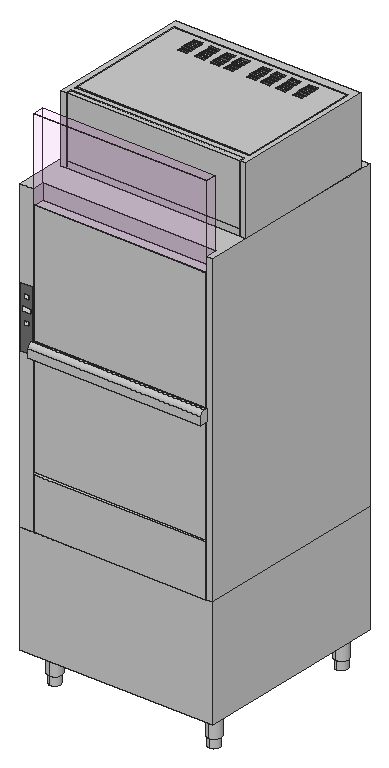
Revit family "Gi605HCRC", category Equipement spécialisé, Revit 2021
Family settings
  Cote de connecteur circulaire = Utiliser le diamètre
  Type d'élément = Normal
  Numéro OmniClass = 23.40.40.14
  Titre OmniClass = Food Service Equipment
  Basée sur le plan de construction = Non
  Toujours verticalement = Oui
  Couper avec des vides une fois chargée = Non
  Partagée = Non
  Repere pour localisation dans la piece = Non
Parameters (values of type "6G3256_AA")
  URL catalogo = "https://www.comenda.fr/pdf/docs/Gi/GAMME_GI_2023.pdf"
  URL = "www.comenda.fr"
  Tensione = 400 V
  Temperatura raccomandata per acqua calda = 50 °C
  Show Logo [instance] = yes
  Show Clearance [instance] = yes
  Protezione contro le sovracorrenti = 16 A
  Elévation par défaut = 0 mm
  Profondità = 900 mm
  Pressione minima acqua calda = 200000.0 Pa
  Potenza elettrica = 9000 W
  Pessione minima acqua fredda = 200000.0 Pa
  Peso netto = 200.00 kg
  Numero dei poli = 3
  Modèle = "Gi 605H R CRC"
  Fabricant = "COMENDA"
  Lunghezza = 860 mm
  Frequenza = 50 Hz
  Fase = 3
  Diametro raccordo acqua calda = 3/4"
  Diametro dello scarico diretto di acqua = 1 3/8"
  Description = "THREE-PHASE FRONT LOADING POTWASHER WITH RCD"
  Corrente di funzionamento normale = 13.7 A
  Assembly Code = ""
  Altezza dello scarico diretto acqua da pavimento finito = 145 mm
  Altezza da terra raccordo acqua calda = 175 mm
  Altezza allacciamento elettrico da pavimento finito = 135 mm
  Altezza = 2295 mm
Types (2, lengths in mm): name | Profondità | Modèle | Altezza
  6G3256_AA | 900 | "Gi 605H R CRC" | 2295
  6G3151_AA | 870 | "Gi 605 R CRC" | 2145
Reference planes
  plane 1 "Back": y = 0
  plane 2: z = 0
  plane 3 "Left": x = -30
  plane 4 "Right": x = 830
  plane 5 "Front": y = -900
  plane 6 "Top": z = 2295
Forms (mm)
  Revolve 1, solid
    sketch origin (60, 0, 0) x (0, 1, 0) y (0, 0, 1)
      loop
        line (-50, 135) -> (-80, 135) -> (-80, 0) -> (-55, 0) -> (-55, 40) -> (-50, 40) -> (-50, 135)
      axis (-80, 0) -> (-80, 135)
    angle from 0 to 360
  Revolve 2, solid
    sketch origin (60, -710, 0) x (0, 1, 0) y (0, 0, 1)
      loop
        line (-50, 135) -> (-80, 135) -> (-80, 0) -> (-55, 0) -> (-55, 40) -> (-50, 40) -> (-50, 135)
      axis (-80, 0) -> (-80, 135)
    angle from 0 to 360
  Revolve 3, solid
    sketch origin (770, 0, 0) x (0, 1, 0) y (0, 0, 1)
      loop
        line (-50, 135) -> (-80, 135) -> (-80, 0) -> (-55, 0) -> (-55, 40) -> (-50, 40) -> (-50, 135)
      axis (-80, 0) -> (-80, 135)
    angle from 0 to 360
  Revolve 4, solid
    sketch origin (770, -710, 0) x (0, 1, 0) y (0, 0, 1)
      loop
        line (-50, 135) -> (-80, 135) -> (-80, 0) -> (-55, 0) -> (-55, 40) -> (-50, 40) -> (-50, 135)
      axis (-80, 0) -> (-80, 135)
    angle from 0 to 360
  Extrusion 5, solid
    sketch origin (0, 0, 725.5) x (1, 0, 0) y (0, 1, 0)
      loop
        line (-30, 0) -> (-30, -870) -> (30, -870) -> (30, -820) -> (800, -820) -> (800, -870) -> (830, -870) -> (830, 0) -> (-30, 0)
    from -99.4 to 1269.5
  Extrusion 6, solid
    sketch origin (0, 0, 0) x (1, 0, 0) y (0, 1, 0)
      loop
        line (-30, 0) -> (-30, -870) -> (830, -870) -> (830, 0) -> (-30, 0)
    from 135 to 625
  Extrusion 7, solid
    sketch origin (30, 0, -174) x (0, 1, 0) y (0, 0, 1)
      loop
        line (-900, 1507.5) -> (-870, 1507.5) -> (-870, 1562.5) -> (-880, 1562.5)
        arc (-880, 1562.5) -> (-894.142, 1556.642) -> (-900, 1542.5) r 20
        line (-900, 1542.5) -> (-900, 1507.5)
    from 0 to 770
  Extrusion 8, solid
    sketch origin (0, 0, 625) x (1, 0, 0) y (0, 1, 0)
      loop
        line (30, -870) -> (798.5, -870) -> (798.5, -820) -> (30, -820) -> (30, -870)
    from 0 to 229
  Extrusion 9, solid
    sketch origin (0, 0, 714.969) x (1, 0, 0) y (0, 1, 0)
      loop
        line (30, -870) -> (798.5, -870) -> (798.5, -820) -> (30, -820) -> (30, -870)
    from 150 to 673.531
  Extrusion 10, solid
    sketch origin (-186.246, 1874.578, 2295) x (0, 1, 0) y (-1, 0, 0)
      loop
        line (-2744.578, -216.246) -> (-2744.578, -984.746) -> (-2694.578, -984.746) -> (-2694.578, -216.246) -> (-2744.578, -216.246)
    from -905.9 to -365.947
  Extrusion 11, solid, visible <- "Show Clearance", detail levels coarse
    sketch origin (30, 0, -119.416) x (0, 1, 0) y (0, 0, 1)
      loop
        line (-870, 984.386) -> (-870, 1504.386)
        arc (-870, 1504.386) -> (-1237.696, 1352.081) -> (-1390, 984.386) r 520
        line (-1390, 984.386) -> (-870, 984.386)
    from 0 to 768.5
  Extrusion 12, solid
    sketch origin (-775.007, -868.2, 645.031) x (1, 0, 0) y (0, 0, 1)
      loop
        line (800, 954.969) -> (750, 954.969) -> (750, 684.969) -> (800, 684.969) -> (800, 954.969)
    from 0 to 2
  Extrusion 13, solid
    sketch origin (-1776.5, -868.4, 885) x (1, 0, 0) y (0, 0, 1)
      loop
        line (1795, 624) -> (1758, 624) -> (1758, 606) -> (1795, 606) -> (1795, 624)
      loop
        line (1784.5, 569.5) -> (1768.5, 569.5) -> (1768.5, 553.5) -> (1784.5, 553.5) -> (1784.5, 569.5)
      loop
        line (1784.5, 676.5) -> (1768.5, 676.5) -> (1768.5, 660.5) -> (1784.5, 660.5) -> (1784.5, 676.5)
    from 0 to 2
  Extrusion 14, solid
    sketch origin (800, -870, 725.5) x (0, 1, 0) y (0, 0, -1)
      loop
        line (0, -1203.553) -> (0, -1569.953) -> (50, -1569.953) -> (50, -1203.553) -> (0, -1203.553)
    from 0 to 770
  Extrusion 15, void
    sketch origin (60, -790, 0) x (1, 0, 0) y (0, 1, 0)
      loop
        circle (-20, 130) r 9.55
    from 0 to 175
  Extrusion 16, void
    sketch origin (60, -790, 0) x (1, 0, 0) y (0, 1, 0)
      loop
        circle (539.96, 180) r 17.5
    from 0 to 145
  Extrusion 17, solid
    sketch origin (0, 0, 135) x (0, 1, 0) y (1, 0, 0)
      loop
        circle (-848, 745) r 4.875
    from 0 to 1
  Extrusion 18, solid
    sketch origin (0, 60, 1991.5) x (1, 0, 0) y (0, 1, 0)
      loop
        line (2.5, -105) -> (2.5, -745) -> (27.5, -745) -> (27.5, -720) -> (802.5, -720) -> (802.5, -745) -> (827.5, -745) -> (827.5, -105) -> (2.5, -105)
      loop
        line (802.5, -695) -> (802.5, -144.872) -> (27.5, -144.872) -> (27.5, -695) -> (802.5, -695)
    from 3.5 to 303.5
  Extrusion 19, solid
    sketch origin (0, 62, 1991.5) x (1, 0, 0) y (0, 1, 0)
      loop
        line (800.5, -146.872) -> (29.5, -146.872) -> (29.5, -693) -> (800.5, -693) -> (800.5, -146.872)
    from 275 to 303.5
  Extrusion 20, solid
    sketch origin (802.5, -660, 1991.5) x (-1, 0, 0) y (0, 0, -1)
      loop
        line (773, -32) -> (773, -5.5) -> (2, -5.5) -> (2, -32) -> (773, -32)
    from 0 to 25
  Extrusion 21, solid
    sketch origin (0, 62, 2295) x (1, 0, 0) y (0, 1, 0)
      loop
        line (138.948, -174.377) -> (138.948, -184.376) -> (178.948, -184.376) -> (178.948, -174.377) -> (138.948, -174.377)
      loop
        line (138.948, -194.377) -> (138.948, -204.377) -> (178.948, -204.377) -> (178.948, -194.377) -> (138.948, -194.377)
      loop
        line (138.948, -214.377) -> (138.948, -224.377) -> (178.948, -224.377) -> (178.948, -214.377) -> (138.948, -214.377)
      loop
        line (138.948, -234.377) -> (138.948, -244.377) -> (178.948, -244.377) -> (178.948, -234.377) -> (138.948, -234.377)
      loop
        line (138.948, -254.377) -> (138.948, -264.377) -> (178.948, -264.377) -> (178.948, -254.377) -> (138.948, -254.377)
      loop
        line (213.948, -174.377) -> (213.948, -184.376) -> (253.948, -184.376) -> (253.948, -174.377) -> (213.948, -174.377)
      loop
        line (213.948, -194.377) -> (213.948, -204.377) -> (253.948, -204.377) -> (253.948, -194.377) -> (213.948, -194.377)
      loop
        line (213.948, -214.377) -> (213.948, -224.377) -> (253.948, -224.377) -> (253.948, -214.377) -> (213.948, -214.377)
      loop
        line (213.948, -234.377) -> (213.948, -244.377) -> (253.948, -244.377) -> (253.948, -234.377) -> (213.948, -234.377)
      loop
        line (213.948, -254.377) -> (213.948, -264.377) -> (253.948, -264.377) -> (253.948, -254.377) -> (213.948, -254.377)
      loop
        line (283.948, -174.377) -> (283.948, -184.376) -> (323.948, -184.376) -> (323.948, -174.377) -> (283.948, -174.377)
      loop
        line (283.948, -194.377) -> (283.948, -204.377) -> (323.948, -204.377) -> (323.948, -194.377) -> (283.948, -194.377)
      loop
        line (283.948, -214.377) -> (283.948, -224.377) -> (323.948, -224.377) -> (323.948, -214.377) -> (283.948, -214.377)
      loop
        line (283.948, -234.377) -> (283.948, -244.377) -> (323.948, -244.377) -> (323.948, -234.377) -> (283.948, -234.377)
      loop
        line (283.948, -254.377) -> (283.948, -264.377) -> (323.948, -264.377) -> (323.948, -254.377) -> (283.948, -254.377)
      loop
        line (344.948, -174.377) -> (344.948, -184.376) -> (384.948, -184.376) -> (384.948, -174.377) -> (344.948, -174.377)
      loop
        line (344.948, -194.377) -> (344.948, -204.377) -> (384.948, -204.377) -> (384.948, -194.377) -> (344.948, -194.377)
      loop
        line (344.948, -214.377) -> (344.948, -224.377) -> (384.948, -224.377) -> (384.948, -214.377) -> (344.948, -214.377)
      loop
        line (344.948, -234.377) -> (344.948, -244.377) -> (384.948, -244.377) -> (384.948, -234.377) -> (344.948, -234.377)
      loop
        line (344.948, -254.377) -> (344.948, -264.377) -> (384.948, -264.377) -> (384.948, -254.377) -> (344.948, -254.377)
      loop
        line (691.148, -174.377) -> (651.148, -174.377) -> (651.148, -184.376) -> (691.148, -184.376) -> (691.148, -174.377)
      loop
        line (691.148, -194.377) -> (651.148, -194.377) -> (651.148, -204.377) -> (691.148, -204.377) -> (691.148, -194.377)
      loop
        line (691.148, -214.377) -> (651.148, -214.377) -> (651.148, -224.377) -> (691.148, -224.377) -> (691.148, -214.377)
      loop
        line (691.148, -234.377) -> (651.148, -234.377) -> (651.148, -244.377) -> (691.148, -244.377) -> (691.148, -234.377)
      loop
        line (691.148, -254.377) -> (651.148, -254.377) -> (651.148, -264.377) -> (691.148, -264.377) -> (691.148, -254.377)
      loop
        line (616.148, -174.377) -> (576.148, -174.377) -> (576.148, -184.376) -> (616.148, -184.376) -> (616.148, -174.377)
      loop
        line (616.148, -194.377) -> (576.148, -194.377) -> (576.148, -204.377) -> (616.148, -204.377) -> (616.148, -194.377)
      loop
        line (616.148, -214.377) -> (576.148, -214.377) -> (576.148, -224.377) -> (616.148, -224.377) -> (616.148, -214.377)
      loop
        line (616.148, -234.377) -> (576.148, -234.377) -> (576.148, -244.377) -> (616.148, -244.377) -> (616.148, -234.377)
      loop
        line (616.148, -254.377) -> (576.148, -254.377) -> (576.148, -264.377) -> (616.148, -264.377) -> (616.148, -254.377)
      loop
        line (546.148, -174.377) -> (506.148, -174.377) -> (506.148, -184.376) -> (546.148, -184.376) -> (546.148, -174.377)
      loop
        line (546.148, -194.377) -> (506.148, -194.377) -> (506.148, -204.377) -> (546.148, -204.377) -> (546.148, -194.377)
      loop
        line (546.148, -214.377) -> (506.148, -214.377) -> (506.148, -224.377) -> (546.148, -224.377) -> (546.148, -214.377)
      loop
        line (546.148, -234.377) -> (506.148, -234.377) -> (506.148, -244.377) -> (546.148, -244.377) -> (546.148, -234.377)
      loop
        line (546.148, -254.377) -> (506.148, -254.377) -> (506.148, -264.377) -> (546.148, -264.377) -> (546.148, -254.377)
      loop
        line (485.148, -174.377) -> (445.148, -174.377) -> (445.148, -184.376) -> (485.148, -184.376) -> (485.148, -174.377)
      loop
        line (485.148, -194.377) -> (445.148, -194.377) -> (445.148, -204.377) -> (485.148, -204.377) -> (485.148, -194.377)
      loop
        line (485.148, -214.377) -> (445.148, -214.377) -> (445.148, -224.377) -> (485.148, -224.377) -> (485.148, -214.377)
      loop
        line (485.148, -234.377) -> (445.148, -234.377) -> (445.148, -244.377) -> (485.148, -244.377) -> (485.148, -234.377)
      loop
        line (485.148, -254.377) -> (445.148, -254.377) -> (445.148, -264.377) -> (485.148, -264.377) -> (485.148, -254.377)
    from 0 to 0.5
  Extrusion 22, solid
    sketch origin (802, -660, 1925) x (-1, 0, 0) y (0, 0, -1)
      loop
        line (773, -370) -> (773, -72) -> (2, -72) -> (2, -370) -> (773, -370)
    from 0 to 25
Cuts and joins
  Extrusion 15, Extrusion 16 cuts Extrusion 5
  Extrusion 15, Extrusion 16 cuts Extrusion 6
  joined: Extrusion 5, Extrusion 6
Lines and regions (mm)
  symbolic lines, style "200-EquipBorder-2D"
    curve 1: line (-30, 0, 0) -> (830, 0, 0)
    curve 2: line (-30, -870, 0) -> (-30, 0, 0)
    curve 3: line (830, -870, 0) -> (-30, -870, 0)
    curve 4: line (830, 0, 0) -> (830, -870, 0)
    curve 5: line (30, -870, 0) -> (30, -900, 0)
    curve 6: line (30, -900, 0) -> (798.5, -900, 0)
    curve 7: line (798.5, -900, 0) -> (798.5, -870, 0)
    curve 10: line (800, -820, 0) -> (800, -870, 0)
  symbolic lines, style "200-EquipInternal-2D"
    curve 8: line (30, -870, 0) -> (30, -820, 0)
    curve 9: line (30, -820, 0) -> (800, -820, 0)
  symbolic lines, style "QF_Door-Drawer Clearances", visible <- "Show Clearance"
    curve 11: line (30, -870, 0) -> (30, -1390, 0)
    curve 12: line (798.5, -1390, 0) -> (798.5, -870, 0)
    curve 13: line (30, -1390, 0) -> (798.5, -1390, 0)
  symbolic lines, style "200-InsPoint-3D"
    curve 14: circle (-30, 0, 0) r 0.2 normal (0, 0, 1)
    curve 15: circle (830, 0, 0) r 0.2 normal (0, 0, 1)
    curve 16: circle (-30, -870, 0) r 0.2 normal (0, 0, 1)
    curve 17: circle (830, -870, 0) r 0.2 normal (0, 0, 1)
Dimensions and locks
  plane 3 "Left" to plane 4 "Right" = 860 mm
  plane 5 "Front" to plane 1 "Back" = 900 mm
  plane 6 "Top" to level = 2295 mm
  "Altezza": plane 6 "Top" to level
  cut or joined group of Extrusion 5, Extrusion 6, Extrusion 15, Extrusion 16 to Extrusion 10 = 65.947 mm
  locked: level to Extrusion 8 at 854
  locked: Extrusion 12 to level at 1330
  locked: cut or joined group of Extrusion 5, Extrusion 6, Extrusion 15, Extrusion 16 to Extrusion 14 at 65.947
  locked: Extrusion 9 to level at 864.969
  level to Extrusion 11 sketch curve to Extrusion 11 sketch curve = 864.969 mm locked, 520 mm
  cut or joined group of Extrusion 5, Extrusion 6, Extrusion 15, Extrusion 16 to Extrusion 10 = 605.9 mm
  locked: Extrusion 10 to Extrusion 7 at 55.6
  locked: cut or joined group of Extrusion 5, Extrusion 6, Extrusion 15, Extrusion 16 to level at 625
  locked: cut or joined group of Extrusion 5, Extrusion 6, Extrusion 15, Extrusion 16 to level at 135
  locked: Extrusion 18 sketch curve to Extrusion 18 sketch curve at 825
  locked: Extrusion 18 sketch curve to Extrusion 18 sketch curve at 640
  locked: Extrusion 18 sketch curve to Extrusion 18 sketch curve at 25  (x3)
  Extrusion 20 to cut or joined group of Extrusion 5, Extrusion 6, Extrusion 15, Extrusion 16 = 28.5 mm
  Extrusion 18 to plane 1 "Back" = 45 mm
  locked: plane 6 "Top" to cut or joined group of Extrusion 5, Extrusion 6, Extrusion 15, Extrusion 16 at 300
  locked: Extrusion 19 to plane 1 "Back" at 84.872
  locked: plane 6 "Top" to Extrusion 19 at 28.5
  Extrusion 13 sketch curve to Extrusion 13 sketch curve = 36.5 mm
  locked: Extrusion 13 to Extrusion 12 at 108.5
  locked: Extrusion 12 to Extrusion 13 at 38.5
  aligned and locked: level to plane 2
  aligned and locked: Extrusion 14 sketch curve to Extrusion 10  (x2)
  aligned and locked: cut or joined group of Extrusion 5, Extrusion 6, Extrusion 15, Extrusion 16 to Extrusion 14 sketch curve
  aligned and locked: Extrusion 20 to Extrusion 18  (x2)
  aligned and locked: plane 6 "Top" to Extrusion 18
  aligned and locked: plane 6 "Top" to Extrusion 19
  aligned and locked: Extrusion 5 to Extrusion 18
  aligned and locked: Extrusion 7 to Extrusion 9
  aligned and locked: curve 5 to Extrusion 7
Automatic sketch dimensions
  Revolve 1 sketch curve to level = 0 mm
  plane 1 "Back" to Revolve 1 sketch curve = 80 mm
  Revolve 1 sketch curve to Revolve 1 sketch curve = 25 mm
  Revolve 1 sketch curve to Revolve 1 sketch curve = 5 mm
  level to Revolve 1 sketch curve = 40 mm
  Revolve 1 sketch curve to Revolve 1 sketch curve = 95 mm
  Revolve 1 sketch curve to Revolve 1 sketch curve = 0 mm
  Revolve 1 sketch curve to Revolve 1 sketch curve = 35 mm
  Revolve 1 sketch curve to Revolve 1 sketch curve = 15 mm
  Revolve 2 sketch curve to level = 0 mm
  plane 5 "Front" to Revolve 2 sketch curve = 110 mm
  Revolve 2 sketch curve to Revolve 2 sketch curve = 25 mm
  Revolve 2 sketch curve to Revolve 2 sketch curve = 5 mm
  level to Revolve 2 sketch curve = 40 mm
  Revolve 2 sketch curve to Revolve 2 sketch curve = 95 mm
  Revolve 2 sketch curve to Revolve 2 sketch curve = 0 mm
  Revolve 2 sketch curve to Revolve 2 sketch curve = 35 mm
  Revolve 2 sketch curve to Revolve 2 sketch curve = 15 mm
  Revolve 3 sketch curve to level = 0 mm
  plane 1 "Back" to Revolve 3 sketch curve = 80 mm
  Revolve 3 sketch curve to Revolve 3 sketch curve = 25 mm
  Revolve 3 sketch curve to Revolve 3 sketch curve = 5 mm
  level to Revolve 3 sketch curve = 40 mm
  Revolve 3 sketch curve to Revolve 3 sketch curve = 95 mm
  Revolve 3 sketch curve to Revolve 3 sketch curve = 0 mm
  Revolve 3 sketch curve to Revolve 3 sketch curve = 35 mm
  Revolve 3 sketch curve to Revolve 3 sketch curve = 15 mm
  Revolve 4 sketch curve to level = 0 mm
  plane 5 "Front" to Revolve 4 sketch curve = 110 mm
  Revolve 4 sketch curve to Revolve 4 sketch curve = 25 mm
  Revolve 4 sketch curve to Revolve 4 sketch curve = 5 mm
  level to Revolve 4 sketch curve = 40 mm
  Revolve 4 sketch curve to Revolve 4 sketch curve = 95 mm
  Revolve 4 sketch curve to Revolve 4 sketch curve = 0 mm
  Revolve 4 sketch curve to Revolve 4 sketch curve = 35 mm
  Revolve 4 sketch curve to Revolve 4 sketch curve = 15 mm
  plane 1 "Back" to Extrusion 5 sketch curve = 0 mm
  Extrusion 5 sketch curve to plane 3 "Left" = 0 mm
  Extrusion 5 sketch curve to plane 4 "Right" = 0 mm
  plane 3 "Left" to Extrusion 5 sketch curve = 60 mm
  Extrusion 5 sketch curve to Extrusion 5 sketch curve = 30 mm
  plane 5 "Front" to Extrusion 5 sketch curve = 80 mm
  plane 5 "Front" to Extrusion 5 sketch curve = 30 mm  (x2)
  Extrusion 6 sketch curve to plane 3 "Left" = 0 mm
  Extrusion 6 sketch curve to plane 4 "Right" = 0 mm
  plane 1 "Back" to Extrusion 6 sketch curve = 0 mm
  plane 5 "Front" to Extrusion 6 sketch curve = 30 mm
  Extrusion 7 sketch curve to plane 5 "Front" = 0 mm
  Extrusion 7 sketch curve to Extrusion 7 sketch curve = 20 mm
  Extrusion 7 sketch curve to Extrusion 7 sketch curve = 30 mm
  Extrusion 7 sketch curve to plane 6 "Top" = 961.5 mm
  Extrusion 7 sketch curve to Extrusion 7 sketch curve = 35 mm
  plane 3 "Left" to Extrusion 8 sketch curve = 60 mm
  plane 4 "Right" to Extrusion 8 sketch curve = 31.5 mm
  plane 5 "Front" to Extrusion 8 sketch curve = 30 mm
  Extrusion 8 sketch curve to Extrusion 8 sketch curve = 50 mm
  plane 3 "Left" to Extrusion 9 sketch curve = 60 mm
  plane 4 "Right" to Extrusion 9 sketch curve = 31.5 mm
  plane 5 "Front" to Extrusion 9 sketch curve = 30 mm
  Extrusion 9 sketch curve to Extrusion 9 sketch curve = 50 mm
  plane 5 "Front" to Extrusion 10 sketch curve = 30 mm
  Extrusion 10 sketch curve to Extrusion 10 sketch curve = 50 mm
  plane 4 "Right" to Extrusion 10 sketch curve = 31.5 mm
  plane 3 "Left" to Extrusion 10 sketch curve = 60 mm
  Extrusion 11 sketch curve to plane 5 "Front" = 490 mm
  plane 3 "Left" to Extrusion 12 sketch curve = 4.993 mm
  Extrusion 12 sketch curve to Extrusion 12 sketch curve = 50 mm
  Extrusion 12 sketch curve to plane 6 "Top" = 965 mm
  Extrusion 12 sketch curve to Extrusion 12 sketch curve = 270 mm
  plane 3 "Left" to Extrusion 13 sketch curve = 11.5 mm
  plane 3 "Left" to Extrusion 13 sketch curve = 22 mm  (x2)
  Extrusion 13 sketch curve to Extrusion 13 sketch curve = 16 mm  (x4)
  Extrusion 13 sketch curve to Extrusion 13 sketch curve = 37 mm
  Extrusion 13 sketch curve to plane 6 "Top" = 856.5 mm
  Extrusion 13 sketch curve to Extrusion 13 sketch curve = 18 mm
  Revolve 2 to Extrusion 15 sketch curve = 20 mm
  Extrusion 16 sketch curve to Revolve 2 = 539.96 mm
  Extrusion 6 to Extrusion 17 sketch curve = 22 mm
  Extrusion 6 to Extrusion 17 sketch curve = 85 mm
  plane 3 "Left" to Extrusion 18 sketch curve = 32.5 mm
  Extrusion 18 sketch curve to Extrusion 18 sketch curve = 0 mm  (x2)
  plane 5 "Front" to Extrusion 18 sketch curve = 215 mm
  Extrusion 18 sketch curve to Extrusion 18 sketch curve = 25 mm  (x2)
  Extrusion 18 sketch curve to Extrusion 18 sketch curve = 39.872 mm
  plane 3 "Left" to Extrusion 19 sketch curve = 59.5 mm
  plane 4 "Right" to Extrusion 19 sketch curve = 29.5 mm
  plane 5 "Front" to Extrusion 19 sketch curve = 269 mm
  plane 1 "Back" to Extrusion 19 sketch curve = 84.872 mm
  Extrusion 20 sketch curve to Extrusion 18 = 2 mm
  Extrusion 18 to Extrusion 20 sketch curve = 2 mm  (x2)
  Extrusion 18 to Extrusion 20 sketch curve = 271.5 mm
  Extrusion 21 sketch curve to Extrusion 19 = 27.505 mm  (x5)
  Extrusion 21 sketch curve to Extrusion 19 = 109.448 mm
  Extrusion 21 sketch curve to Extrusion 21 sketch curve = 0 mm  (x58)
  Extrusion 21 sketch curve to Extrusion 21 sketch curve = 40 mm  (x10)
  Extrusion 21 sketch curve to Extrusion 21 sketch curve = 35 mm  (x4)
  Extrusion 21 sketch curve to Extrusion 21 sketch curve = 30 mm  (x4)
  Extrusion 21 sketch curve to Extrusion 21 sketch curve = 21 mm  (x4)
  Extrusion 21 sketch curve to Extrusion 21 sketch curve = 60.2 mm
  Extrusion 21 sketch curve to Extrusion 21 sketch curve = 10 mm  (x72)
  Extrusion 21 sketch curve to Extrusion 19 = 37.505 mm
  Extrusion 14 sketch curve to Extrusion 5 = 300.453 mm
  Extrusion 13 sketch curve to Extrusion 13 sketch curve = 36.5 mm
  curve 16 to plane 3 "Left" = 0 mm
  curve 2 to plane 3 "Left" = 0 mm
  plane 1 "Back" to curve 14 = 0 mm
  curve 14 to plane 3 "Left" = 0 mm
  curve 7 to plane 5 "Front" = 0 mm
  plane 1 "Back" to curve 4 = 0 mm
  curve 4 to plane 4 "Right" = 0 mm
  plane 1 "Back" to curve 15 = 0 mm
  curve 15 to plane 4 "Right" = 0 mm
  curve 17 to plane 4 "Right" = 0 mm
  plane 3 "Left" to curve 13 = 60 mm
  curve 9 to curve 5 = 0 mm
  plane 4 "Right" to curve 13 = 31.5 mm
  curve 7 to curve 12 = 0 mm
  plane 4 "Right" to curve 10 = 30 mm
  curve 12 to plane 5 "Front" = 490 mm
  plane 5 "Front" to curve 4 = 30 mm
  curve 16 to curve 2 = 0 mm
  curve 17 to curve 3 = 0 mm
  curve 10 to curve 9 = 50 mm
  Extrusion 22 sketch curve to plane 6 "Top" = 0 mm
  plane 4 "Right" to Extrusion 22 sketch curve = 30 mm
  plane 3 "Left" to Extrusion 22 sketch curve = 59 mm
  Extrusion 22 sketch curve to plane 6 "Top" = 298 mm
  radius of Extrusion 15 sketch curve = 9.55 mm
  radius of Extrusion 16 sketch curve = 17.5 mm
  radius of Extrusion 17 sketch curve = 4.875 mm
  radius of curve 14 = 0.2 mm
  radius of curve 15 = 0.2 mm
  radius of curve 16 = 0.2 mm
  radius of curve 17 = 0.2 mm
Connectors
  piping at (599.96, -610, 145), diameter 34.925, driven by "Diametro dello scarico diretto di acqua"
    settings: on cut or joined group of Extrusion 5, Extrusion 6, Extrusion 15, Extrusion 16, index 1, connector inside diameter 24", connector length 0 mm, flow factor 0, pipe flow 0.0 L/s, pressure drop 0.0 Pa, fitting loss kfactor 0, connector angle 0.00°, fixture units 0, engagement length 0 mm, angle of deflection 0.00°, flow configuration 0, flow direction 2, fitting loss method 0, system type 7, joint type 0, gender type 0, connector reference index -1, connector utility 0, adjustable connector no, is connector primary yes, connector description "QF_DRAIN_CONNECTION"
  piping at (40, -660, 175), diameter 19.05, driven by "Diametro raccordo acqua calda"
    settings: on cut or joined group of Extrusion 5, Extrusion 6, Extrusion 15, Extrusion 16, index 2, connector inside diameter 24", connector length 0 mm, flow factor 0, pipe flow 0.0 L/s, pressure drop 0.0 Pa, fitting loss kfactor 0, connector angle 0.00°, fixture units 0, engagement length 0 mm, angle of deflection 0.00°, flow configuration 0, flow direction 1, fitting loss method 0, system type 7, joint type 0, gender type 0, connector reference index -1, connector utility 0, adjustable connector no, is connector primary no, connector description "WATER_CONNECTION"
  electrical at (745, -848, 135), driven by "Numero dei poli", driven by "Tensione", driven by "Potenza elettrica"
    settings: on Extrusion 17, index 3, voltage 400 V, apparent load 9000 VA, apparent load phase1 0 VA, apparent load phase2 0 VA, apparent load phase3 0 VA, power factor 1, load classification "Altro", number of poles 3, system type 30, power factor state 1, is connector primary yes, connector utility no, sub classification motor no, connector description "QF_ELECTRICAL_CONNECTION"
